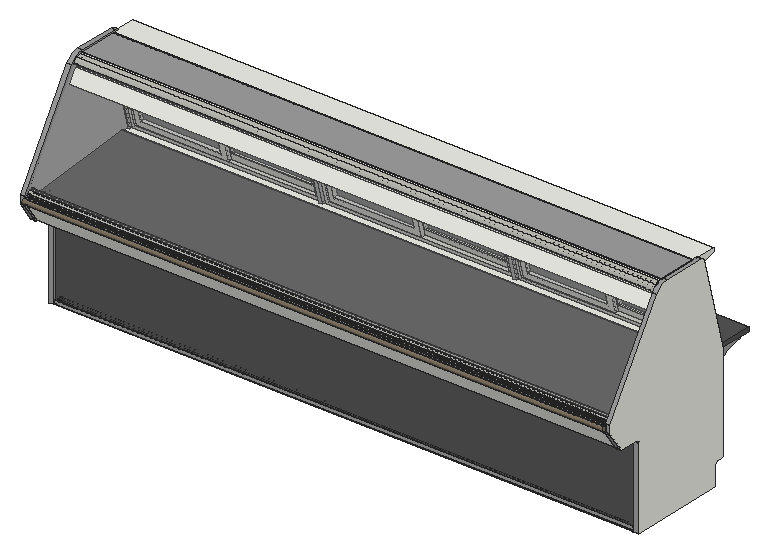
Revit family "R1-FN_2014", category Specialty Equipment, Revit 2014 (continued)
Automatic sketch dimensions
  Extrusion 11 sketch curve to Extrusion 11 sketch curve = 0.18969"
  Extrusion 11 sketch curve to plane 10 = 0.26416"
  Extrusion 11 sketch curve to Extrusion 11 sketch curve = 0.71529"
  Extrusion 11 sketch curve to Extrusion 11 sketch curve = 0.57607"
  Extrusion 11 sketch curve to Extrusion 11 sketch curve = 0.67535"
  Extrusion 11 sketch curve to Extrusion 11 sketch curve = 0.04022"
  Extrusion 11 sketch curve to plane 10 = 1.78707"
  Extrusion 11 sketch curve to Extrusion 11 sketch curve = 0.95494"
  Extrusion 11 sketch curve to Extrusion 11 sketch curve = 0.25007"
  Extrusion 11 sketch curve to Extrusion 11 sketch curve = 0.07964"
  Extrusion 11 sketch curve to Extrusion 11 sketch curve = 0.02055"
  Extrusion 11 sketch curve to Extrusion 11 sketch curve = 0.02705"
  Extrusion 11 sketch curve to Extrusion 11 sketch curve = 0.01949"
  Extrusion 11 sketch curve to Extrusion 11 sketch curve = 0.35525"
  Extrusion 11 sketch curve to Extrusion 11 sketch curve = 0"  (x3)
  Extrusion 11 sketch curve to Extrusion 11 sketch curve = 0.10689"
  Extrusion 11 sketch curve to Extrusion 11 sketch curve = 0.04721"
  Extrusion 11 sketch curve to Extrusion 11 sketch curve = 0.01501"
  Extrusion 11 sketch curve to Extrusion 11 sketch curve = 0.03552"
  Extrusion 11 sketch curve to Extrusion 11 sketch curve = 0.00651"
  Extrusion 11 sketch curve to Extrusion 11 sketch curve = 0.00201"
  Extrusion 11 sketch curve to Extrusion 11 sketch curve = 0.02918"
  Extrusion 11 sketch curve to Extrusion 11 sketch curve = 1.00154"
  Extrusion 11 sketch curve to Extrusion 11 sketch curve = 0.44712"
  Extrusion 11 sketch curve to Extrusion 11 sketch curve = 0.46731"
  Extrusion 11 sketch curve to plane 10 = 0.15722"
  Extrusion 11 sketch curve to plane 10 = 0.39364"
  Extrusion 12 sketch curve to Extrusion 12 sketch curve = 0"  (x4)
  plane 4 "Front" to Extrusion 12 sketch curve = 3.86266"
  Extrusion 12 sketch curve to Extrusion 12 sketch curve = 0.01762"  (x2)
  Extrusion 12 sketch curve to Extrusion 12 sketch curve = 0.00881"
  Extrusion 12 sketch curve to Extrusion 12 sketch curve = 0.00993"
  Extrusion 12 sketch curve to plane 9 = 2.64563"
  Extrusion 12 sketch curve to Extrusion 12 sketch curve = 0.01986"
  Extrusion 12 sketch curve to Extrusion 12 sketch curve = 0.32399"
  Extrusion 12 sketch curve to plane 9 = 2.89281"
  Extrusion 12 sketch curve to Extrusion 12 sketch curve = 0.09889"
  Extrusion 12 sketch curve to Extrusion 12 sketch curve = 0.02885"
  Extrusion 12 sketch curve to Extrusion 12 sketch curve = 0.00804"
  Extrusion 12 sketch curve to Extrusion 12 sketch curve = 0.01418"
  Extrusion 12 sketch curve to plane 9 = 0.42573"
  plane 1 "Back" to Extrusion 12 sketch curve = 4.65057"
  Extrusion 12 sketch curve to plane 9 = 0.46057"
  Extrusion 12 sketch curve to Extrusion 12 sketch curve = 0.00331"
  Extrusion 12 sketch curve to Extrusion 12 sketch curve = 0.00283"
  Extrusion 12 sketch curve to plane 9 = 0.48039"
  Extrusion 12 sketch curve to Extrusion 12 sketch curve = 0.02827"
  Extrusion 12 sketch curve to plane 9 = 0.46866"
  Extrusion 12 sketch curve to plane 9 = 0.69391"
  Extrusion 12 sketch curve to Extrusion 12 sketch curve = 0.07593"
  Extrusion 12 sketch curve to Extrusion 12 sketch curve = 0.00669"
  Extrusion 12 sketch curve to Extrusion 12 sketch curve = 0.03024"
  Extrusion 12 sketch curve to Extrusion 12 sketch curve = 0.0309"
  Extrusion 12 sketch curve to Extrusion 12 sketch curve = 0.02262"
  Extrusion 13 sketch curve to level = 0"
  plane 4 "Front" to Extrusion 13 sketch curve = 0.81814"
  Extrusion 13 sketch curve to Extrusion 13 sketch curve = 0.04483"
  Extrusion 13 sketch curve to Extrusion 13 sketch curve = 1/4"
  plane 4 "Front" to Extrusion 13 sketch curve = 4.15323"
  Extrusion 13 sketch curve to Extrusion 13 sketch curve = 0.41034"
  Extrusion 13 sketch curve to Extrusion 13 sketch curve = 4.46333"
  plane 4 "Front" to Extrusion 13 sketch curve = 9.72691"
  Extrusion 13 sketch curve to plane 10 = 1.59713"
  plane 4 "Front" to Extrusion 13 sketch curve = 15.36761"
  Extrusion 13 sketch curve to Extrusion 13 sketch curve = 3.37411"
  Extrusion 13 sketch curve to plane 10 = 0.44548"
  plane 1 "Back" to Extrusion 13 sketch curve = 6.22235"
  Extrusion 13 sketch curve to plane 10 = 0.26693"
  Extrusion 13 sketch curve to Extrusion 13 sketch curve = 0.67685"
  plane 1 "Back" to Extrusion 13 sketch curve = 1 127/128"
  Extrusion 13 sketch curve to Extrusion 13 sketch curve = 0.7"
  plane 1 "Back" to Extrusion 13 sketch curve = 0.30473"  (x2)
  Extrusion 13 sketch curve to plane 1 "Back" = 0.37212"
  Extrusion 13 sketch curve to Extrusion 13 sketch curve = 0.02315"
  level to Extrusion 13 sketch curve = 4.74571"
  Extrusion 13 sketch curve to plane 9 = 9.87957"
  Extrusion 13 sketch curve to Extrusion 13 sketch curve = 0.21431"
  Extrusion 13 sketch curve to plane 9 = 4.23932"
  Extrusion 13 sketch curve to Extrusion 13 sketch curve = 1.89855"
  Extrusion 13 sketch curve to plane 9 = 0.62918"
  Extrusion 14 sketch curve to level = 0"
  plane 4 "Front" to Extrusion 14 sketch curve = 0.81814"
  Extrusion 14 sketch curve to Extrusion 14 sketch curve = 0.04483"
  Extrusion 14 sketch curve to Extrusion 14 sketch curve = 1/4"
  plane 4 "Front" to Extrusion 14 sketch curve = 4.15323"
  Extrusion 14 sketch curve to Extrusion 14 sketch curve = 0.41034"
  Extrusion 14 sketch curve to Extrusion 14 sketch curve = 4.46333"
  plane 4 "Front" to Extrusion 14 sketch curve = 9.72691"
  Extrusion 14 sketch curve to plane 10 = 1.59713"
  plane 4 "Front" to Extrusion 14 sketch curve = 15.36761"
  Extrusion 14 sketch curve to Extrusion 14 sketch curve = 3.37411"
  Extrusion 14 sketch curve to plane 10 = 0.44548"
  plane 1 "Back" to Extrusion 14 sketch curve = 6.22235"
  Extrusion 14 sketch curve to plane 10 = 0.26693"
  Extrusion 14 sketch curve to Extrusion 14 sketch curve = 0.67685"
  plane 1 "Back" to Extrusion 14 sketch curve = 1 127/128"
  Extrusion 14 sketch curve to Extrusion 14 sketch curve = 0.7"
  plane 1 "Back" to Extrusion 14 sketch curve = 0.30473"  (x2)
  Extrusion 14 sketch curve to plane 1 "Back" = 0.37212"
  Extrusion 14 sketch curve to Extrusion 14 sketch curve = 0.02315"
  Extrusion 14 sketch curve to plane 9 = 0.45064"
  Extrusion 14 sketch curve to plane 9 = 2.19792"
  Extrusion 14 sketch curve to Extrusion 14 sketch curve = 1.89855"
  Extrusion 14 sketch curve to Extrusion 14 sketch curve = 4.5831"
  Extrusion 14 sketch curve to Extrusion 14 sketch curve = 0.28569"
  level to Extrusion 14 sketch curve = 6.14571"
  Extrusion 15 sketch curve to plane 10 = 0.017"  (x2)
  plane 1 "Back" to Extrusion 15 sketch curve = 17.12875"
  Extrusion 15 sketch curve to Extrusion 15 sketch curve = 0.093"
  plane 1 "Back" to Extrusion 15 sketch curve = 7.37559"
  Extrusion 15 sketch curve to Extrusion 15 sketch curve = 0.33174"
  Extrusion 16 sketch curve to Extrusion 16 sketch curve = 2.74488"
  Extrusion 17 sketch curve to Extrusion 17 sketch curve = 2.74488"
  Extrusion 18 sketch curve to Extrusion 18 sketch curve = 2.74488"
  Extrusion 19 sketch curve to Extrusion 19 sketch curve = 2.74488"
  Extrusion 19 sketch curve to Extrusion 19 sketch curve = 2.78752"
  Extrusion 19 sketch curve to Extrusion 19 sketch curve = 2.74469"
  Extrusion 19 sketch curve to Extrusion 19 sketch curve = 20.64718"
  Extrusion 18 sketch curve to Extrusion 18 sketch curve = 2.78752"
  Extrusion 18 sketch curve to Extrusion 18 sketch curve = 2.74469"
  Extrusion 18 sketch curve to Extrusion 18 sketch curve = 20.64718"
  Extrusion 17 sketch curve to Extrusion 17 sketch curve = 2.78752"
  Extrusion 17 sketch curve to Extrusion 17 sketch curve = 2.74469"
  Extrusion 17 sketch curve to Extrusion 17 sketch curve = 20.64718"
  Extrusion 16 sketch curve to Extrusion 16 sketch curve = 2.78752"
  Extrusion 16 sketch curve to Extrusion 16 sketch curve = 2.74469"
  Extrusion 16 sketch curve to Extrusion 16 sketch curve = 20.64718"
  Extrusion 20 sketch curve to Extrusion 20 sketch curve = 2.74488"
  Extrusion 20 sketch curve to Extrusion 20 sketch curve = 2.78752"
  Extrusion 20 sketch curve to Extrusion 20 sketch curve = 2.74469"
  Extrusion 20 sketch curve to Extrusion 20 sketch curve = 20.64718"
  Extrusion 21 sketch curve to Extrusion 21 sketch curve = 2.74488"
  Extrusion 21 sketch curve to Extrusion 21 sketch curve = 2.78752"
  Extrusion 21 sketch curve to Extrusion 21 sketch curve = 2.74469"
  Extrusion 21 sketch curve to Extrusion 21 sketch curve = 20.64718"
  Extrusion 22 sketch curve to Extrusion 22 sketch curve = 2.74488"
  Extrusion 22 sketch curve to Extrusion 22 sketch curve = 2.78752"
  Extrusion 22 sketch curve to Extrusion 22 sketch curve = 2.74469"
  Extrusion 22 sketch curve to Extrusion 22 sketch curve = 20.64718"
  Extrusion 23 sketch curve to Extrusion 23 sketch curve = 2.74488"
  Extrusion 23 sketch curve to Extrusion 23 sketch curve = 2.78752"
  Extrusion 23 sketch curve to Extrusion 23 sketch curve = 2.74469"
  Extrusion 23 sketch curve to Extrusion 23 sketch curve = 20.64718"
  Extrusion 24 sketch curve to Extrusion 24 sketch curve = 2.74488"
  Extrusion 24 sketch curve to Extrusion 24 sketch curve = 2.78752"
  Extrusion 24 sketch curve to Extrusion 24 sketch curve = 2.74469"
  Extrusion 24 sketch curve to Extrusion 24 sketch curve = 20.64718"
  Extrusion 25 sketch curve to Extrusion 25 sketch curve = 2.74488"
  Extrusion 25 sketch curve to Extrusion 25 sketch curve = 2.78752"
  Extrusion 25 sketch curve to Extrusion 25 sketch curve = 2.74469"
  Extrusion 25 sketch curve to Extrusion 25 sketch curve = 20.64718"
  Extrusion 26 sketch curve to Extrusion 26 sketch curve = 2.74488"
  Extrusion 26 sketch curve to Extrusion 26 sketch curve = 2.78752"
  Extrusion 26 sketch curve to Extrusion 26 sketch curve = 2.74469"
  Extrusion 26 sketch curve to Extrusion 26 sketch curve = 20.64718"
  Extrusion 27 sketch curve to Extrusion 27 sketch curve = 2.74488"
  Extrusion 27 sketch curve to Extrusion 27 sketch curve = 2.78752"
  Extrusion 27 sketch curve to Extrusion 27 sketch curve = 2.74469"
  Extrusion 27 sketch curve to Extrusion 27 sketch curve = 20.64718"
  Extrusion 28 sketch curve to Extrusion 28 sketch curve = 2.74488"
  Extrusion 28 sketch curve to Extrusion 28 sketch curve = 2.78752"
  Extrusion 28 sketch curve to Extrusion 28 sketch curve = 2.74469"
  Extrusion 28 sketch curve to Extrusion 28 sketch curve = 20.64718"
  Extrusion 29 sketch curve to Extrusion 29 sketch curve = 2.74488"
  Extrusion 29 sketch curve to Extrusion 29 sketch curve = 2.78752"
  Extrusion 29 sketch curve to Extrusion 29 sketch curve = 2.74469"
  Extrusion 29 sketch curve to Extrusion 29 sketch curve = 20.64718"
  Extrusion 30 sketch curve to Extrusion 30 sketch curve = 2.74488"
  Extrusion 30 sketch curve to Extrusion 30 sketch curve = 2.78752"
  Extrusion 30 sketch curve to Extrusion 30 sketch curve = 2.74469"
  Extrusion 30 sketch curve to Extrusion 30 sketch curve = 20.64718"
  Extrusion 31 sketch curve to Extrusion 31 sketch curve = 2.74488"
  Extrusion 31 sketch curve to Extrusion 31 sketch curve = 2.78752"
  Extrusion 31 sketch curve to Extrusion 31 sketch curve = 2.74469"
  Extrusion 31 sketch curve to Extrusion 31 sketch curve = 20.64718"
  Extrusion 1 sketch curve to Extrusion 1 sketch curve = 0"
  Extrusion 2 sketch curve to Extrusion 2 sketch curve = 0"
  Extrusion 3 sketch curve to Extrusion 3 sketch curve = 0"  (x3)
Nested families (in)
  nested 1: "Floor Support - Three Holes" at (-75.30699, -13.45706, 0.816), type "Floor Support - Three Holes"
    with Length 22 1/4"
  nested 2: "Floor Support - Three Holes" at (64.69301, -13.45706, 0.816), type "Floor Support - Three Holes"
    with Length 22 1/4"
  nested 3: "Shelf - Service Door" at (-77.30699, -0.27239, 30), type "Shelf - Service Door"
  nested 4: "Light" at (-5.30699, 1.00439, -5.29688), type "Light"
    with Length 144"
  nested 5: "Light" at (-5.30699, -10.56242, -4.48067), type "Light"
    with Length 144"
  nested 6: "Floor Support - Three Holes" at (-28.64032, -13.45706, 0.816), type "Floor Support - Three Holes"
    with Length 22 1/4"
  nested 7: "Floor Support - Three Holes" at (18.02635, -13.45706, 0.816), type "Floor Support - Three Holes"
    with Length 22 1/4"
  nested 8: "Service Doors - 105deg - 48" at (-77.30699, -25.04319, 4.28953), visible <- "12 Case", type "Service Doors - 105deg - 48"
  nested 9: "Service Doors - 105deg - 48" at (-29.30699, -25.04319, 4.28953), visible <- "12 Case", type "Service Doors - 105deg - 48"
  nested 10: "Service Doors - 105deg - 48" at (18.69301, -25.04319, 4.28953), visible <- "12 Case", type "Service Doors - 105deg - 48"
  nested 11: "Service Doors - 105deg - 48" at (-77.30699, -25.04319, 4.28953), visible <- "4 Case", type "Service Doors - 105deg - 48"
  nested 12: "Service Doors - 105deg - 48" at (-77.30699, -25.04319, 4.28953), visible <- "8 Case", type "Service Doors - 105deg - 48"
  nested 13: "Service Doors - 105deg - 48" at (-29.30699, -25.04319, 4.28953), visible <- "8 Case", type "Service Doors - 105deg - 48"
  nested 14: "Service Doors - 105deg - 60" at (-77.30699, -25.04319, 4.28953), visible <- "5 Case", type "Service Doors - 105deg - 60"
  nested 15: "Service Doors - 105deg - 60" at (-77.30699, -25.04319, 4.28953), visible <- "10 Case", type "Service Doors - 105deg - 60"
  nested 16: "Service Doors - 105deg - 60" at (-17.30699, -25.04319, 4.28953), visible <- "10 Case", type "Service Doors - 105deg - 60"
  nested 17: "Service Doors - 105deg - 72" at (-77.30699, -25.04319, 4.28953), visible <- "6 Case", type "Service Doors - 105deg - 72"
  nested 18: "Service Doors - 105deg - 48" at (-77.30699, -25.04319, 4.28953), visible <- "12 Case", type "Service Doors - 105deg - 48", not visible
  nested 19: "Service Doors - 105deg - 48" at (-29.30699, -25.04319, 4.28953), visible <- "12 Case", type "Service Doors - 105deg - 48", not visible
  nested 20: "Service Doors - 105deg - 48" at (18.69301, -25.04319, 4.28953), visible <- "12 Case", type "Service Doors - 105deg - 48", not visible
  nested 21: "Service Doors - 105deg - 48" at (-77.30699, -25.04319, 4.28953), visible <- "4 Case", type "Service Doors - 105deg - 48", not visible
  nested 22: "Service Doors - 105deg - 48" at (-77.30699, -25.04319, 4.28953), visible <- "8 Case", type "Service Doors - 105deg - 48", not visible
  nested 23: "Service Doors - 105deg - 48" at (-29.30699, -25.04319, 4.28953), visible <- "8 Case", type "Service Doors - 105deg - 48", not visible
  nested 24: "Service Doors - 105deg - 60" at (-77.30699, -25.04319, 4.28953), visible <- "5 Case", type "Service Doors - 105deg - 60", not visible
  nested 25: "Service Doors - 105deg - 60" at (-77.30699, -25.04319, 4.28953), visible <- "10 Case", type "Service Doors - 105deg - 60", not visible
  nested 26: "Service Doors - 105deg - 60" at (-17.30699, -25.04319, 4.28953), visible <- "10 Case", type "Service Doors - 105deg - 60", not visible
  nested 27: "Service Doors - 105deg - 72" at (-77.30699, -25.04319, 4.28953), visible <- "6 Case", type "Service Doors - 105deg - 72", not visible
Connectors (in)
  piping at (64.38051, -22.375, 0), diameter 0.625, driven by "Refrig. Suction", driven by "Refrigeration Lines Suction"
    settings: on Extrusion 1, index 9, connector inside diameter 7/8", connector length 0", flow factor 0, pipe flow 0 GPM, pressure drop 0.00 psi, fitting loss kfactor 0, connector angle 0.00°, fixture units 0, engagement length 0", angle of deflection 0.00°, flow configuration 0, flow direction 2, fitting loss method 0, system type 22, joint type 0, gender type 0, connector reference index -1, connector utility 0, adjustable connector no, is connector primary yes, connector description "Suction"
  piping at (64.88051, -22.375, 0), diameter 0.375, driven by "Refrig. Liquid", driven by "Refrigeration Lines Liquid"
    settings: on Extrusion 2, index 10, connector inside diameter 3/8", connector length 0", flow factor 0, pipe flow 0 GPM, pressure drop 0.00 psi, fitting loss kfactor 0, connector angle 0.00°, fixture units 0, engagement length 0", angle of deflection 0.00°, flow configuration 0, flow direction 1, fitting loss method 0, system type 22, joint type 0, gender type 0, connector reference index -1, connector utility 0, adjustable connector no, is connector primary no, connector description "Liquid"
  piping at (0.69301, -17, 4.93193), diameter 1.5, driven by "Waste Drain"
    settings: on Extrusion 3, index 11, connector inside diameter 1 1/4", connector length 0", flow factor 0, pipe flow 0 GPM, pressure drop 0.00 psi, fitting loss kfactor 0, connector angle 0.00°, fixture units 0, engagement length 0", angle of deflection 0.00°, flow configuration 0, flow direction 0, fitting loss method 0, system type 16, joint type 0, gender type 0, connector reference index -1, connector utility 0, adjustable connector no, is connector primary no, connector description ""
Definition of nested family "Floor Support - Three Holes"
  Parameters (values of type "Floor Support - Three Holes")
    Width = 4"
    Material = none
    Length = 22 3/8"
    Height = 5 3/4"
  Reference planes (in)
    plane 1 "Center (Front/Back)": y = 0
    plane 2: z = 0
    plane 3 "Center (Left/Right)": x = 0
    plane 4: x = 2
    plane 5: x = -2
    plane 6: y = 11.1875
    plane 7: y = -11.1875
    plane 8: z = 5.75
    plane 9: z = 2.875
    plane 10: y = -5.59375
    plane 11: y = 5.59375
  Forms (in)
    Extrusion 1, solid, material <- "Material"
      sketch origin (0, 0, 0) x (1, 0, 0) y (0, 1, 0)
        loop
          line (-2, 11.1875) -> (-2, -11.1875) -> (2, -11.1875) -> (2, 11.1875) -> (-2, 11.1875)
      from 0 to 5.75
    Extrusion 2, void
      sketch origin (-2, -11.1875, 0) x (0, -1, 0) y (0, 0, -1)
        loop
          arc (-3.71875, -2.875) -> (-4.26792, -1.54917) -> (-5.59375, -1) r 1.875
          arc (-5.59375, -1) -> (-6.91958, -1.54917) -> (-7.46875, -2.875) r 1.875
          arc (-7.46875, -2.875) -> (-6.91958, -4.20083) -> (-5.59375, -4.75) r 1.875
          arc (-5.59375, -4.75) -> (-4.26792, -4.20083) -> (-3.71875, -2.875) r 1.875
      from 0 to 4
    Extrusion 3, void
      sketch origin (-2, -11.1875, 0) x (0, -1, 0) y (0, 0, -1)
        loop
          arc (-9.3125, -2.875) -> (-9.86167, -1.54917) -> (-11.1875, -1) r 1.875
          arc (-11.1875, -1) -> (-12.51333, -1.54917) -> (-13.0625, -2.875) r 1.875
          arc (-13.0625, -2.875) -> (-12.51333, -4.20083) -> (-11.1875, -4.75) r 1.875
          arc (-11.1875, -4.75) -> (-9.86167, -4.20083) -> (-9.3125, -2.875) r 1.875
      from 0 to 4
    Extrusion 4, void
      sketch origin (-2, -11.1875, 0) x (0, -1, 0) y (0, 0, -1)
        loop
          arc (-14.90625, -2.875) -> (-15.45542, -1.54917) -> (-16.78125, -1) r 1.875
          arc (-16.78125, -1) -> (-18.10708, -1.54917) -> (-18.65625, -2.875) r 1.875
          arc (-18.65625, -2.875) -> (-18.10708, -4.20083) -> (-16.78125, -4.75) r 1.875
          arc (-16.78125, -4.75) -> (-15.45542, -4.20083) -> (-14.90625, -2.875) r 1.875
      from 0 to 4
  Cuts and joins
    Extrusion 2, Extrusion 3, Extrusion 4 cuts Extrusion 1
  Dimensions and locks (in)
    equal spacing: plane 5, plane 3 "Center (Left/Right)", plane 4
    "Width": plane 5 to plane 4
    equal spacing: plane 6, plane 1 "Center (Front/Back)", plane 7
    "Length": plane 6 to plane 7
    "Height": plane 8 to level
    equal spacing: plane 6, plane 11, plane 1 "Center (Front/Back)", plane 10, plane 7
    equal spacing: plane 8, plane 9, level
    aligned and locked: plane 2 to level
    aligned and locked: Extrusion 1 to plane 4
    aligned and locked: plane 5 to Extrusion 1
    aligned and locked: Extrusion 1 to plane 7
    aligned and locked: plane 6 to Extrusion 1
    aligned and locked: plane 8 to Extrusion 1
    aligned and locked: plane 9 to Extrusion 2 sketch curve  (x2)
    aligned and locked: plane 10 to Extrusion 2 sketch curve  (x2)
    aligned and locked: plane 11 to Extrusion 4 sketch curve  (x2)
    aligned and locked: plane 9 to Extrusion 4 sketch curve  (x2)
    aligned and locked: plane 1 "Center (Front/Back)" to Extrusion 3 sketch curve  (x2)
    aligned and locked: plane 9 to Extrusion 3 sketch curve  (x2)
    aligned and locked: Extrusion 1 to Extrusion 4
    aligned and locked: Extrusion 1 to Extrusion 3
    aligned and locked: Extrusion 1 to Extrusion 2
  Automatic sketch dimensions
    Extrusion 1 sketch curve to plane 5 = 0"
    Extrusion 1 sketch curve to plane 4 = 0"
    Extrusion 1 sketch curve to plane 7 = 0"
    Extrusion 1 sketch curve to plane 6 = 0"
    Extrusion 4 sketch curve to Extrusion 4 sketch curve = 1 7/8"
    Extrusion 3 sketch curve to Extrusion 3 sketch curve = 1 7/8"
    Extrusion 2 sketch curve to Extrusion 2 sketch curve = 1 7/8"
Definition of nested family "Shelf - Service Door"
  Parameters (values of type "Shelf - Service Door")
    Width = 144"
    Shelf = none
    Number of Bracket Supports = if(Width < 50", 2, if(Width < 100", 3, 4))  # 4
    Bracket = none
  Reference planes (in)
    plane 1 "Center (Front/Back)": y = 0
    plane 2: z = 0
    plane 3 "Center (Left/Right)": x = 0
  Forms (in)
    Extrusion 1, solid, material <- "Shelf"
      sketch origin (0, 0.5, -3.75) x (0, 1, 0) y (0, 0, 1)
        loop
          line (0, 3.75) -> (0, 2.75) -> (9.5, 2.75) -> (9.5, 3.75) -> (0, 3.75)
      from 0 to 144
  Dimensions and locks (in)
    "Width": plane 3 "Center (Left/Right)" to Extrusion 1
    equal spacing: group 1, group 3, group 4, group 2  (x2)
    equal spacing: group 2, group 4, group 3, group 1
    locked: plane 1 "Center (Front/Back)" to Extrusion 1 at 0.5
    aligned and locked: plane 2 to level
    aligned and locked: nested 1 to plane 3 "Center (Left/Right)"
    aligned and locked: nested 2 to Extrusion 1  (x2)
    aligned and locked: level to Extrusion 1
  Automatic sketch dimensions
    Extrusion 1 sketch curve to plane 1 "Center (Front/Back)" = 1/2"
    Extrusion 1 sketch curve to Extrusion 1 sketch curve = 9 1/2"
    Extrusion 1 sketch curve to level = 1"
    Extrusion 1 sketch curve to Extrusion 1 sketch curve = 1"
  Nested families (in)
    nested 1: "Shelf Braket" at (0.125, 0, -6.25), type "Shelf Braket"
    nested 2: "Shelf Braket" at (143.875, 0, -6.25), type "Shelf Braket"
    nested 3: "Shelf Braket" at (48.04167, 0, -6.25), type "Shelf Braket"
    nested 4: "Shelf Braket" at (95.95833, 0, -6.25), type "Shelf Braket"
  Definition of nested family "Shelf Braket"
    Parameters (values of type "Shelf Braket")
      Bracket = none
    Reference planes (in)
      plane 1 "Center (Front/Back)": y = 0
      plane 2: z = 0
      plane 3 "Center (Left/Right)": x = 0
    Forms (in)
      Extrusion 1, solid, material <- "Bracket"
        sketch origin (0, 0, 0) x (0, 1, 0) y (0, 0, 1)
          loop
            line (0, 0) -> (0.17778, 0)
            arc (0.17778, 0) -> (0.32473, 0.04775) -> (0.41555, 0.17275) r 0.25
            line (0.41555, 0.17275) -> (1.31784, 2.94972)
            arc (1.31784, 2.94972) -> (1.49947, 3.19972) -> (1.79337, 3.29521) r 0.5
            line (1.79337, 3.29521) -> (2.40794, 3.29521)
            arc (2.40794, 3.29521) -> (2.59929, 3.33327) -> (2.7615, 3.44165) r 0.5
            line (2.7615, 3.44165) -> (2.99039, 3.67054)
            arc (2.99039, 3.67054) -> (2.94458, 3.6834) -> (2.96531, 3.72623) r 0.03102
            line (2.96531, 3.72623) -> (7.12163, 4.76862)
            arc (7.12163, 4.76862) -> (7.39311, 4.94463) -> (7.49999, 5.25) r 0.5
            line (7.49999, 5.25) -> (0, 5.25) -> (0, 0)
        from -0.125 to 0.125
    Dimensions and locks (in)
      aligned and locked: plane 2 to level
Definition of nested family "Service Doors - 105deg - 48"
  Parameters (values of type "Service Doors - 105deg - 48")
    Glazing = none
    Door Frame = none
  Reference planes (in)
    plane 1 "Center (Front/Back)": y = 25.29918
    plane 2: z = 0
    plane 3 "Center (Left/Right)": x = 0
  Forms (in)
    Sweep 1, solid, material <- "Door Frame"
      path in 3D
        loop
          line (48, 19.53256, 46.24921) -> (0, 19.53256, 46.24921) -> (0, 25.29918, 24.72713) -> (48, 25.29918, 24.72713) -> (48, 19.53256, 46.24921)
      profile origin (24, 19.53256, 46.24921) x (0, -0.999433, -0.03367) y (0, -0.03367, 0.999433)
        loop
          line (0.22758, -0.05283) -> (0, 0) -> (-0.33921, -1.46114) -> (1.8514, -1.9697) -> (2.08074, -0.98179) -> (0.13366, -0.52977) -> (0.22758, -0.05283)
    Extrusion 2, solid, material <- "Door Frame"
      sketch origin (1.5, 17.74853, 44.21829) x (0, 0.258811, -0.965928) y (0, 0.965928, 0.258811)
        loop
          line (0, 0.25) -> (19.28125, 0.25) -> (19.28125, 1.0625) -> (0, 1.0625) -> (0, 0.25)
      from 0 to 23
    Extrusion 3, solid, material <- "Door Frame"
      sketch origin (46.5, 22.73872, 25.59399) x (0, -0.258811, 0.965928) y (0, 0.965928, 0.258811)
        loop
          line (19.28125, 1.875) -> (0, 1.875) -> (0, 1.0625) -> (19.28125, 1.0625) -> (19.28125, 1.875)
      from 0 to 23
    Extrusion 4, void
      sketch origin (46.5, 18.18472, 49.83503) x (0, -0.258811, 0.965928) y (-1, 0, 0)
        loop
          line (-23.09373, 21.5) -> (-23.09373, 1.5) -> (-6.81248, 1.5) -> (-6.81248, 21.5) -> (-23.09373, 21.5)
      from 0 to 0.8125
    Extrusion 5, void
      sketch origin (1.5, 17.85693, 44.77966) x (0, -0.258811, 0.965928) y (1, 0, 0)
        loop
          line (-2.01418, 21.5) -> (-18.29543, 21.5) -> (-18.29543, 1.5) -> (-2.01418, 1.5) -> (-2.01418, 21.5)
      from 0 to 0.8125
    Extrusion 6, solid, material <- "Glazing"
      sketch origin (25, 24.54983, 26.07926) x (0, -0.258811, 0.965928) y (0, -0.965928, -0.258811)
        loop
          line (1.5, 0.1875) -> (19.28125, 0.1875) -> (19.28125, 0.625) -> (1.5, 0.625) -> (1.5, 0.1875)
      from 0 to 20
    Extrusion 7, solid, material <- "Glazing"
      sketch origin (23, 17.99001, 44.28299) x (0, 0.258811, -0.965928) y (0, -0.965928, -0.258811)
        loop
          line (1.5, -0.625) -> (19.28125, -0.625) -> (19.28125, -0.1875) -> (1.5, -0.1875) -> (1.5, -0.625)
      from 0 to 20
  Cuts and joins
    Extrusion 4 cuts Extrusion 3
    Extrusion 5 cuts Extrusion 2
  Lines and regions (in)
    sketch lines
      curve 1: line (48, 25.29918, 24.72713) -> (48, 19.53256, 46.24921)
      curve 2: line (0, 19.53256, 46.24921) -> (0, 25.29918, 24.72713)
      curve 3: line (48, 19.53256, 46.24921) -> (0, 19.53256, 46.24921)
      curve 4: line (48, 25.29918, 24.72713) -> (0, 25.29918, 24.72713)
    model lines
      curve 5: line (0, 25.29918, 24.72713) -> (0, 20.31708, 43.32124)
      curve 6: line (0, 25.29918, 24.72713) -> (0, 19.53256, 46.24921)
  Dimensions and locks (in)
    Extrusion 2 to Extrusion 3 = 45"
    plane 3 "Center (Left/Right)" to Sweep 1 = 48"
    Sweep 1 to Sweep 1 = 1 1/2"
    locked: cut or joined group of Extrusion 3, Extrusion 4 to Extrusion 4 sketch curve at 1.5
    locked: Extrusion 5 sketch curve to cut or joined group of Extrusion 2, Extrusion 5 at 1.5
    Sweep 1 to Sweep 1 = 22 9/32"
    locked: cut or joined group of Extrusion 2, Extrusion 5 to Extrusion 5 sketch curve at 1.5  (x2)
    locked: Sweep 1 to Extrusion 5 sketch curve at 1.5
    locked: Extrusion 4 sketch curve to Sweep 1 at 1.5  (x3)
    Sweep 1 to Sweep 1 = 45"
    aligned and locked: plane 2 to level
    aligned and locked: Extrusion 3 to Sweep 1  (x3)
    aligned and locked: Extrusion 2 to Sweep 1
    aligned and locked: Extrusion 6 to cut or joined group of Extrusion 3, Extrusion 4
    aligned and locked: cut or joined group of Extrusion 3, Extrusion 4 to Extrusion 6
    aligned and locked: cut or joined group of Extrusion 2, Extrusion 5 to Extrusion 7
    aligned and locked: plane 1 "Center (Front/Back)" to Sweep 1
    aligned and locked: Sweep 1 to Extrusion 2 sketch curve  (x2)
    aligned and locked: cut or joined group of Extrusion 2, Extrusion 5 to Extrusion 7 sketch curve
    aligned and locked: Extrusion 7 sketch curve to Sweep 1
    aligned and locked: Sweep 1 to Extrusion 3 sketch curve  (x2)
    aligned and locked: Extrusion 6 sketch curve to Sweep 1
    aligned and locked: Extrusion 6 sketch curve to cut or joined group of Extrusion 3, Extrusion 4
Definition of nested family "Service Doors - 105deg - 60"
  Parameters (values of type "Service Doors - 105deg - 60")
    Glazing = none
    Door Frame = none
  Reference planes (in)
    plane 1 "Center (Front/Back)": y = 25.29918
    plane 2: z = 0
    plane 3 "Center (Left/Right)": x = 0
  Forms (in)
    Sweep 1, solid, material <- "Door Frame"
      path in 3D
        loop
          line (60, 19.53256, 46.24921) -> (0, 19.53256, 46.24921) -> (0, 25.29918, 24.72713) -> (60, 25.29918, 24.72713) -> (60, 19.53256, 46.24921)
      profile origin (30, 19.53256, 46.24921) x (0, -0.999433, -0.03367) y (0, -0.03367, 0.999433)
        loop
          line (0.22758, -0.05283) -> (0, 0) -> (-0.33921, -1.46114) -> (1.8514, -1.9697) -> (2.08074, -0.98179) -> (0.13366, -0.52977) -> (0.22758, -0.05283)
    Extrusion 2, solid, material <- "Door Frame"
      sketch origin (1.5, 17.74853, 44.21829) x (0, 0.258811, -0.965928) y (0, 0.965928, 0.258811)
        loop
          line (0, 0.25) -> (19.28125, 0.25) -> (19.28125, 1.0625) -> (0, 1.0625) -> (0, 0.25)
      from 0 to 29
    Extrusion 3, solid, material <- "Door Frame"
      sketch origin (58.5, 22.73872, 25.59399) x (0, -0.258811, 0.965928) y (0, 0.965928, 0.258811)
        loop
          line (19.28125, 1.875) -> (0, 1.875) -> (0, 1.0625) -> (19.28125, 1.0625) -> (19.28125, 1.875)
      from 0 to 29
    Extrusion 4, void
      sketch origin (58.5, 18.18472, 49.83503) x (0, -0.258811, 0.965928) y (-1, 0, 0)
        loop
          line (-23.09373, 27.5) -> (-23.09373, 1.5) -> (-6.81248, 1.5) -> (-6.81248, 27.5) -> (-23.09373, 27.5)
      from 0 to 0.8125
    Extrusion 5, void
      sketch origin (1.5, 17.85693, 44.77966) x (0, -0.258811, 0.965928) y (1, 0, 0)
        loop
          line (-2.01418, 27.5) -> (-18.29543, 27.5) -> (-18.29543, 1.5) -> (-2.01418, 1.5) -> (-2.01418, 27.5)
      from 0 to 0.8125
    Extrusion 6, solid, material <- "Glazing"
      sketch origin (31, 24.54983, 26.07926) x (0, -0.258811, 0.965928) y (0, -0.965928, -0.258811)
        loop
          line (1.5, 0.1875) -> (19.28125, 0.1875) -> (19.28125, 0.625) -> (1.5, 0.625) -> (1.5, 0.1875)
      from 0 to 26
    Extrusion 7, solid, material <- "Glazing"
      sketch origin (29, 17.99001, 44.28299) x (0, 0.258811, -0.965928) y (0, -0.965928, -0.258811)
        loop
          line (1.5, -0.625) -> (19.28125, -0.625) -> (19.28125, -0.1875) -> (1.5, -0.1875) -> (1.5, -0.625)
      from 0 to 26
  Cuts and joins
    Extrusion 4 cuts Extrusion 3
    Extrusion 5 cuts Extrusion 2
  Lines and regions (in)
    sketch lines
      curve 1: line (60, 25.29918, 24.72713) -> (60, 19.53256, 46.24921)
      curve 2: line (0, 19.53256, 46.24921) -> (0, 25.29918, 24.72713)
      curve 3: line (60, 19.53256, 46.24921) -> (0, 19.53256, 46.24921)
      curve 4: line (60, 25.29918, 24.72713) -> (0, 25.29918, 24.72713)
    model lines
      curve 5: line (0, 25.29918, 24.72713) -> (0, 20.31708, 43.32124)
      curve 6: line (0, 25.29918, 24.72713) -> (0, 19.53256, 46.24921)
  Dimensions and locks (in)
    Extrusion 2 to Extrusion 3 = 57"
    plane 3 "Center (Left/Right)" to Sweep 1 = 60"
    Sweep 1 to Sweep 1 = 1 1/2"
    locked: cut or joined group of Extrusion 3, Extrusion 4 to Extrusion 4 sketch curve at 1.5
    locked: Extrusion 5 sketch curve to cut or joined group of Extrusion 2, Extrusion 5 at 1.5
    Sweep 1 to Sweep 1 = 22 9/32"
    locked: cut or joined group of Extrusion 2, Extrusion 5 to Extrusion 5 sketch curve at 1.5  (x2)
    locked: Sweep 1 to Extrusion 5 sketch curve at 1.5
    locked: Extrusion 4 sketch curve to Sweep 1 at 1.5  (x3)
    Sweep 1 to Sweep 1 = 57"
    aligned and locked: plane 2 to level
    aligned and locked: Extrusion 3 to Sweep 1  (x3)
    aligned and locked: Extrusion 2 to Sweep 1
    aligned and locked: Extrusion 6 to cut or joined group of Extrusion 3, Extrusion 4
    aligned and locked: cut or joined group of Extrusion 3, Extrusion 4 to Extrusion 6
    aligned and locked: cut or joined group of Extrusion 2, Extrusion 5 to Extrusion 7
    aligned and locked: plane 1 "Center (Front/Back)" to Sweep 1
    aligned and locked: Sweep 1 to Extrusion 2 sketch curve  (x2)
    aligned and locked: cut or joined group of Extrusion 2, Extrusion 5 to Extrusion 7 sketch curve
    aligned and locked: Extrusion 7 sketch curve to Sweep 1
    aligned and locked: Sweep 1 to Extrusion 3 sketch curve  (x2)
    aligned and locked: Extrusion 6 sketch curve to Sweep 1
    aligned and locked: Extrusion 6 sketch curve to cut or joined group of Extrusion 3, Extrusion 4
Definition of nested family "Service Doors - 105deg - 72"
  Parameters (values of type "Service Doors - 105deg - 72")
    Glazing = none
    Door Frame = none
  Reference planes (in)
    plane 1 "Center (Front/Back)": y = 25.29918
    plane 2: z = 0
    plane 3 "Center (Left/Right)": x = 0
  Forms (in)
    Sweep 1, solid, material <- "Door Frame"
      path in 3D
        loop
          line (72, 19.53256, 46.24921) -> (0, 19.53256, 46.24921) -> (0, 25.29918, 24.72713) -> (72, 25.29918, 24.72713) -> (72, 19.53256, 46.24921)
      profile origin (36, 19.53256, 46.24921) x (0, -0.999433, -0.03367) y (0, -0.03367, 0.999433)
        loop
          line (0.22758, -0.05283) -> (0, 0) -> (-0.33921, -1.46114) -> (1.8514, -1.9697) -> (2.08074, -0.98179) -> (0.13366, -0.52977) -> (0.22758, -0.05283)
    Extrusion 2, solid, material <- "Door Frame"
      sketch origin (1.5, 17.74853, 44.21829) x (0, 0.258811, -0.965928) y (0, 0.965928, 0.258811)
        loop
          line (0, 0.25) -> (19.28125, 0.25) -> (19.28125, 1.0625) -> (0, 1.0625) -> (0, 0.25)
      from 0 to 35
    Extrusion 3, solid, material <- "Door Frame"
      sketch origin (70.5, 22.73872, 25.59399) x (0, -0.258811, 0.965928) y (0, 0.965928, 0.258811)
        loop
          line (19.28125, 1.875) -> (0, 1.875) -> (0, 1.0625) -> (19.28125, 1.0625) -> (19.28125, 1.875)
      from 0 to 35
    Extrusion 4, void
      sketch origin (70.5, 18.18472, 49.83503) x (0, -0.258811, 0.965928) y (-1, 0, 0)
        loop
          line (-23.09373, 33.5) -> (-23.09373, 1.5) -> (-6.81248, 1.5) -> (-6.81248, 33.5) -> (-23.09373, 33.5)
      from 0 to 0.8125
    Extrusion 5, void
      sketch origin (1.5, 17.85693, 44.77966) x (0, -0.258811, 0.965928) y (1, 0, 0)
        loop
          line (-2.01418, 33.5) -> (-18.29543, 33.5) -> (-18.29543, 1.5) -> (-2.01418, 1.5) -> (-2.01418, 33.5)
      from 0 to 0.8125
    Extrusion 6, solid, material <- "Glazing"
      sketch origin (37, 24.54983, 26.07926) x (0, -0.258811, 0.965928) y (0, -0.965928, -0.258811)
        loop
          line (1.5, 0.1875) -> (19.28125, 0.1875) -> (19.28125, 0.625) -> (1.5, 0.625) -> (1.5, 0.1875)
      from 0 to 32
    Extrusion 7, solid, material <- "Glazing"
      sketch origin (35, 17.99001, 44.28299) x (0, 0.258811, -0.965928) y (0, -0.965928, -0.258811)
        loop
          line (1.5, -0.625) -> (19.28125, -0.625) -> (19.28125, -0.1875) -> (1.5, -0.1875) -> (1.5, -0.625)
      from 0 to 32
  Cuts and joins
    Extrusion 4 cuts Extrusion 3
    Extrusion 5 cuts Extrusion 2
  Lines and regions (in)
    sketch lines
      curve 1: line (72, 25.29918, 24.72713) -> (72, 19.53256, 46.24921)
      curve 2: line (0, 19.53256, 46.24921) -> (0, 25.29918, 24.72713)
      curve 3: line (72, 19.53256, 46.24921) -> (0, 19.53256, 46.24921)
      curve 4: line (72, 25.29918, 24.72713) -> (0, 25.29918, 24.72713)
    model lines
      curve 5: line (0, 25.29918, 24.72713) -> (0, 20.31708, 43.32124)
      curve 6: line (0, 25.29918, 24.72713) -> (0, 19.53256, 46.24921)
  Dimensions and locks (in)
    Extrusion 2 to Extrusion 3 = 69"
    plane 3 "Center (Left/Right)" to Sweep 1 = 72"
    Sweep 1 to Sweep 1 = 1 1/2"
    locked: cut or joined group of Extrusion 3, Extrusion 4 to Extrusion 4 sketch curve at 1.5
    locked: Extrusion 5 sketch curve to cut or joined group of Extrusion 2, Extrusion 5 at 1.5
    Sweep 1 to Sweep 1 = 22 9/32"
    locked: cut or joined group of Extrusion 2, Extrusion 5 to Extrusion 5 sketch curve at 1.5  (x2)
    locked: Sweep 1 to Extrusion 5 sketch curve at 1.5
    locked: Extrusion 4 sketch curve to Sweep 1 at 1.5  (x3)
    aligned and locked: plane 2 to level
    aligned and locked: Extrusion 3 to Sweep 1  (x3)
    aligned and locked: Extrusion 2 to Sweep 1
    aligned and locked: Extrusion 6 to cut or joined group of Extrusion 3, Extrusion 4
    aligned and locked: cut or joined group of Extrusion 3, Extrusion 4 to Extrusion 6
    aligned and locked: cut or joined group of Extrusion 2, Extrusion 5 to Extrusion 7
    aligned and locked: plane 1 "Center (Front/Back)" to Sweep 1
    aligned and locked: Sweep 1 to Extrusion 2 sketch curve  (x2)
    aligned and locked: cut or joined group of Extrusion 2, Extrusion 5 to Extrusion 7 sketch curve
    aligned and locked: Extrusion 7 sketch curve to Sweep 1
    aligned and locked: Sweep 1 to Extrusion 3 sketch curve  (x2)
    aligned and locked: Extrusion 6 sketch curve to Sweep 1
    aligned and locked: Extrusion 6 sketch curve to cut or joined group of Extrusion 3, Extrusion 4
Definition of nested family "Light"
  Parameters (values of type "Light")
    Wattage = 16.1571 W
    built-in parameter 1150110 = 1 (stored number, unit not read)
    built-in parameter 1114217 = 1 (stored number, unit not read)
    built-in parameter 1150109 = 1 (stored number, unit not read)
    built-in parameter 1150134 = (empty or 0)
    built-in parameter 1150113 = 1 (stored number, unit not read)
    Lumens = 2400 lm
    built-in parameter 1150115 = 1 (stored number, unit not read)
    built-in parameter 1150105 = 763.94 (stored number, unit not read)
    Light Source Symbol Size = 24"
    built-in parameter 1150137 = (empty or 0)
    built-in parameter 1150139 = (empty or 0)
    Lense = none
    Length = 24"
    built-in parameter 1150112 = 1 (stored number, unit not read)
    built-in parameter 1150114 = 1 (stored number, unit not read)
    built-in parameter 1150132 = 2
    built-in parameter 1150102 = (empty or 0)
    built-in parameter 1150138 = (empty or 0)
    built-in parameter 1150107 = 6100 (stored number, unit not read)
    built-in parameter 1150106 = 7.6394 (stored number, unit not read)
    Emit from Line Length = Length  # 24"
    built-in parameter 1150104 = 13.8 (stored number, unit not read)
    Dimming Lamp Color Temperature Shift = (empty or 0)
    Color Filter = 16777215
    Casing = none
    built-in parameter 1114218 = 1 (stored number, unit not read)
    built-in parameter 1150133 = 10 (stored number, unit not read)
  Reference planes (in)
    plane 1 "Light Source Axis (F/B)": y = -8.60801
    plane 2: z = 0
    plane 3 "Light Source Axis (L/R)": x = 0
    plane 4 "Light Source Elevation": z = 52.5
    plane 5: z = 0
    plane 6 "Left": x = -12
    plane 7 "Right": x = 12
  Lines and regions (in)
    model lines
      curve 1: line (-12, -8.60801, 52.5) -> (12, -8.60801, 52.5)
  Dimensions and locks (in)
    equal spacing: plane 7 "Right", plane 3 "Light Source Axis (L/R)", plane 6 "Left"
    "Length": plane 7 "Right" to plane 6 "Left"
    aligned and locked: plane 3 "Light Source Axis (L/R)" to imposter light
    aligned and locked: plane 1 "Light Source Axis (F/B)" to imposter light
    aligned and locked: plane 4 "Light Source Elevation" to imposter light
    aligned and locked: level to plane 5
  Automatic sketch dimensions
    plane 1 "Light Source Axis (F/B)" to curve 1 = 0"
    curve 1 to plane 6 "Left" = 0"
    curve 1 to plane 7 "Right" = 0"
Types (6): name | Width | Number of Supports | 8 Case | 6 Case | 5 Case | 4 Case | 12 Case | 10 Case
  6'-0" Length | 72" | 3 | no | yes | no | no | no | no
  5'-0" Length | 60" | 3 | no | no | yes | no | no | no
  4'-0" Length | 48" | 2 | no | no | no | yes | no | no
  8'-0" Length | 96" | 3 | yes | no | no | no | no | no
  10'-0" Length | 120" | 4 | no | no | no | no | no | yes
  12'-0" Length | 144" | 4 | no | no | no | no | yes | no
